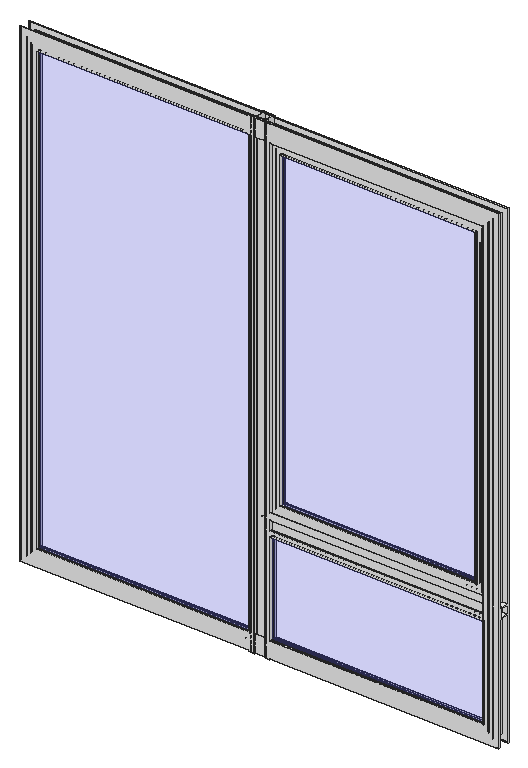
Revit family "WAL_A3-Thermosash-Window-1200X1200-PS1212L", category Windows, host Wall, Revit 2016
Family settings
  Host = Wall
  Always vertical = Yes
  Cut with Voids When Loaded = No
  Shared = No
  Room Calculation Point = No
Parameters (values of type "1200 x 1200 PS1212L Thermosas")
  URL = "www.agi.co.za"
  Trim Material = Metal - Aluminium
  Model = "Top Hung"
  Manufacturer Code = "PS1212L"
  Manufacturer = "AGI Aluminium"
  Height = 1200 mm
  Glass Material = Glass
  Frame Material = Metal - Aluminium
  Description = "Thermosash Window"
  Default Sill Height = 800 mm
  Wall Closure = By host
  Width = 1200 mm
  Assembly Code = "B2020110"
Reference planes
  plane 1 "Center": y = 0
  plane 2 "Center (Left/Right)": x = 0
  plane 3 "Left": x = -600
  plane 4 "Right": x = 600
  plane 5 "Sill": z = 800
  plane 6 "Head": z = 2000
  plane 7 "Exterior": y = 75
  plane 8 "Interior": y = -75
  plane 9: z = 2002
  plane 10: x = 602
  plane 11: x = -602
  plane 12: z = 798
  plane 13: z = 1964
  plane 14: z = 813.9
  plane 15: x = 564
  plane 16: x = -586.1
  plane 17: z = 1100
  plane 18: z = 1122
  plane 19: z = 1084
  plane 20: x = 22
  plane 21: x = -16
  plane 22: z = 1986.1
  plane 23: x = 586.1
Forms (mm)
  Sweep 1, solid, material "Metal - Aluminium", detail levels medium+fine
    path origin (0, 0, 0) x (1, 0, 0) y (0, 0, 1)
      loop
        line (600, 2000) -> (-600, 2000) -> (-600, 800) -> (600, 800) -> (600, 2000)
    profile "Frame : Frame" origin (0, 0, 2000) x (0, 0, -1) y (0, -1, 0)
      loop
        line (0, -30) -> (28, -30) -> (28, -29) -> (26, -29) -> (26, -1) -> (28, -1) -> (28, -7) -> (29, -7) -> (29, -1) -> (37, -1) -> (37, -3.645) -> (38, -3.645) -> (38, -1) -> (40, -1) -> (40, -3.645) -> (41, -3.645) -> (41, 0) -> (0, 0) -> (0, -2) -> (1, -2) -> (1, -1) -> (15.005, -1) -> (15.005, -4) -> (16.005, -4) -> (16.005, -1) -> (25, -1) -> (25, -29) -> (16.005, -29) -> (16.005, -26) -> (15.005, -26) -> (15.005, -29) -> (1, -29) -> (1, -28) -> (0, -28) -> (0, -30)
  Sweep 2, solid, material "Metal - Aluminium", detail levels medium+fine
    path origin (0, 0, 0) x (1, 0, 0) y (0, 0, 1)
      loop
        line (0, 2002) -> (0, 798)
    profile "30 x 50 Center Divide : 30 x 50 Center Divide" origin (0, 0, 1400) x (1, 0, 0) y (0, -1, 0)
      loop
        line (-11, -5) -> (-11, -29) -> (11, -29) -> (11, -5) -> (-11, -5)
      loop
        line (-27.011, 0) -> (-27.011, -3.245) -> (-26.011, -3.245) -> (-26.011, -1) -> (-24.011, -1) -> (-24.011, -3.245) -> (-23.011, -3.245) -> (-23.011, -1) -> (-15.011, -1) -> (-15.011, -6.6) -> (-14.011, -6.6) -> (-14.011, -1) -> (-13.142, -1) -> (-12, -5.263) -> (-12, -29) -> (-14, -29) -> (-14, -30) -> (14, -30) -> (14, -29) -> (12, -29) -> (12, -5.263) -> (13.142, -1) -> (14, -1) -> (14, -7) -> (15, -7) -> (15, -1) -> (23, -1) -> (23, -3.645) -> (24, -3.645) -> (24, -1) -> (26, -1) -> (26, -3.645) -> (27, -3.645) -> (27, 0) -> (12.375, 0) -> (11.303, -4) -> (-11.303, -4) -> (-12.375, 0) -> (-27.011, 0)
  Sweep 3, solid, material "Metal - Aluminium", detail levels medium+fine
    path origin (0, 0, 0) x (1, 0, 0) y (0, 0, 1)
      loop
        line (600, 1100) -> (0, 1100)
    profile "30 x 50 Center Divide : 30 x 50 Center Divide" origin (300, 0, 1100) x (0, 0, -1) y (0, -1, 0)
      loop
        line (-11, -5) -> (-11, -29) -> (11, -29) -> (11, -5) -> (-11, -5)
      loop
        line (-27.011, 0) -> (-27.011, -3.245) -> (-26.011, -3.245) -> (-26.011, -1) -> (-24.011, -1) -> (-24.011, -3.245) -> (-23.011, -3.245) -> (-23.011, -1) -> (-15.011, -1) -> (-15.011, -6.6) -> (-14.011, -6.6) -> (-14.011, -1) -> (-13.142, -1) -> (-12, -5.263) -> (-12, -29) -> (-14, -29) -> (-14, -30) -> (14, -30) -> (14, -29) -> (12, -29) -> (12, -5.263) -> (13.142, -1) -> (14, -1) -> (14, -7) -> (15, -7) -> (15, -1) -> (23, -1) -> (23, -3.645) -> (24, -3.645) -> (24, -1) -> (26, -1) -> (26, -3.645) -> (27, -3.645) -> (27, 0) -> (12.375, 0) -> (11.303, -4) -> (-11.303, -4) -> (-12.375, 0) -> (-27.011, 0)
  Sweep 4, solid, material "Metal - Aluminium", detail levels medium+fine
    path origin (0, 0, 0) x (1, 0, 0) y (0, 0, 1)
      loop
        line (602, 2002) -> (-16, 2002) -> (-16, 1084) -> (602, 1084) -> (602, 2002)
    profile "Casement : Casement" origin (293, 0, 2002) x (0, 0, -1) y (0, -1, 0)
      loop
        line (40, -4.645) -> (40, -32.645) -> (49, -32.645) -> (49, -4.645) -> (40, -4.645)
      loop
        line (65, -3.645) -> (37, -3.645) -> (37, -4.645) -> (39, -4.645) -> (39, -32.645) -> (37, -32.645) -> (37, -26.645) -> (36, -26.645) -> (36, -32.645) -> (28, -32.645) -> (28, -30) -> (27, -30) -> (27, -32.645) -> (25, -32.645) -> (25, -30) -> (24, -30) -> (24, -33.645) -> (50, -33.645) -> (50, -4.645) -> (52, -4.645) -> (52, -10.645) -> (53, -10.645) -> (53, -4.645) -> (61, -4.645) -> (61, -7.289) -> (62, -7.289) -> (62, -4.645) -> (64, -4.645) -> (64, -7.289) -> (65, -7.289) -> (65, -3.645)
  Extrusion 5, void
    sketch origin (0, 0, 0) x (1, 0, 0) y (0, 1, 0)
      loop
        line (-11.303, 4) -> (-12.375, 0) -> (12.375, 0) -> (11.303, 4) -> (-11.303, 4)
    from 841 to 1959
  Sweep 6, solid, material "Metal - Aluminium" <- "Trim Material", detail levels medium+fine
    path origin (0, 0, 0) x (1, 0, 0) y (0, 0, 1)
      loop
        line (0, 1986.1) -> (-586.1, 1986.1) -> (-586.1, 813.9) -> (0, 813.9) -> (0, 1986.1)
    profile "Trim : Trim" origin (-293.05, 0, 1986.1) x (0, 0, -1) y (0, -1, 0)
      loop
        line (24.555, -1.643) -> (24.555, -4.05)
        arc (24.555, -4.05) -> (23.436, -4.753) -> (23, -6) r 2
        line (23, -6) -> (27, -6)
        arc (27, -6) -> (26.552, -4.739) -> (25.41, -4.042) r 2
        line (25.41, -4.042) -> (25.41, -1.643) -> (24.555, -1.643)
      loop
        line (14, -29) -> (29, -14) -> (29, -12.474) -> (26.323, -12.474)
        arc (26.323, -12.474) -> (26.823, -11.797) -> (27, -10.974) r 2
        line (27, -10.974) -> (23, -10.974)
        arc (23, -10.974) -> (23.177, -11.797) -> (23.677, -12.474) r 2
        line (23.677, -12.474) -> (13.467, -12.474) -> (13.467, -4) -> (12.5, -4) -> (12.5, -13.474) -> (20.535, -13.474) -> (24.323, -17.263) -> (12.586, -29) -> (14, -29)
  Sweep 7, solid, material "Metal - Aluminium", detail levels medium+fine
    path origin (0, 0, 0) x (1, 0, 0) y (0, 0, 1)
      loop
        line (586.1, 1100) -> (0, 1100) -> (0, 813.9) -> (586.1, 813.9) -> (586.1, 1100)
    profile "Trim : Trim" origin (293.05, 0, 1100) x (0, 0, -1) y (0, -1, 0)
      loop
        line (24.555, -1.643) -> (24.555, -4.05)
        arc (24.555, -4.05) -> (23.436, -4.753) -> (23, -6) r 2
        line (23, -6) -> (27, -6)
        arc (27, -6) -> (26.552, -4.739) -> (25.41, -4.042) r 2
        line (25.41, -4.042) -> (25.41, -1.643) -> (24.555, -1.643)
      loop
        line (14, -29) -> (29, -14) -> (29, -12.474) -> (26.323, -12.474)
        arc (26.323, -12.474) -> (26.823, -11.797) -> (27, -10.974) r 2
        line (27, -10.974) -> (23, -10.974)
        arc (23, -10.974) -> (23.177, -11.797) -> (23.677, -12.474) r 2
        line (23.677, -12.474) -> (13.467, -12.474) -> (13.467, -4) -> (12.5, -4) -> (12.5, -13.474) -> (20.535, -13.474) -> (24.323, -17.263) -> (12.586, -29) -> (14, -29)
  Sweep 8, solid, material "Metal - Aluminium", detail levels medium+fine
    path origin (0, 0, 0) x (1, 0, 0) y (0, 0, 1)
      loop
        line (564, 1964) -> (22, 1964) -> (22, 1122) -> (564, 1122) -> (564, 1964)
    profile "Trim : Trim" origin (293, 0, 1964) x (0, 0, -1) y (0, -1, 0)
      loop
        line (24.555, -4.643) -> (24.555, -7.05)
        arc (24.555, -7.05) -> (23.436, -7.753) -> (23, -9) r 2
        line (23, -9) -> (27, -9)
        arc (27, -9) -> (26.552, -7.739) -> (25.41, -7.042) r 2
        line (25.41, -7.042) -> (25.41, -4.643) -> (24.555, -4.643)
      loop
        line (14, -32) -> (29, -17) -> (29, -15.474) -> (26.323, -15.474)
        arc (26.323, -15.474) -> (26.823, -14.797) -> (27, -13.974) r 2
        line (27, -13.974) -> (23, -13.974)
        arc (23, -13.974) -> (23.177, -14.797) -> (23.677, -15.474) r 2
        line (23.677, -15.474) -> (13.467, -15.474) -> (13.467, -7) -> (12.5, -7) -> (12.5, -16.474) -> (20.535, -16.474) -> (24.323, -20.263) -> (12.586, -32) -> (14, -32)
  Extrusion 9, solid, material "Glass", detail levels medium+fine
    sketch origin (0, 0, 0) x (1, 0, 0) y (0, 1, 0)
      loop
        line (22.982, 10.974) -> (22.982, 6) -> (563.1, 6) -> (563.1, 10.974) -> (22.982, 10.974)
    from 836.9 to 1077
  Extrusion 10, solid, material "Glass", detail levels medium+fine
    sketch origin (0, 0, 0) x (1, 0, 0) y (0, 1, 0)
      loop
        line (-563.118, 10.974) -> (-563.118, 6) -> (-22.982, 6) -> (-22.982, 10.974) -> (-563.118, 10.974)
    from 836.9 to 1963.1
  Extrusion 11, solid, material "Glass", detail levels medium+fine
    sketch origin (0, 0, 0) x (1, 0, 0) y (0, 1, 0)
      loop
        line (44.982, 13.974) -> (44.982, 9) -> (541, 9) -> (541, 13.974) -> (44.982, 13.974)
    from 1145 to 1941
Cuts and joins
  Extrusion 5 cuts Sweep 3
  joined: Sweep 1, Sweep 2, Sweep 3
Lines and regions (mm)
  Opening 1
    outline origin (3500, -75, 0) x (1, 0, 0) y (0, 0, 1)
      loop
        line (-2900, 800) -> (-2900, 2000) -> (-4100, 2000) -> (-4100, 800) -> (-2900, 800)
  symbolic lines, style "Elevation Swing"
    curve 1: line (578, 0, 1978) -> (8, 0, 1543)
    curve 2: line (8, 0, 1543) -> (577, 0, 1109)
Text (mm)
  text "EXTERIOR" at (-1963.203, 1332.353, 0), in view "Ref. Level"
  text "INTERIOR" at (-1981.466, -818.386, 0), in view "Ref. Level"
  text "Exterior" at (0, 923.751, 2943.296), in view "Right"
  text "Exterior" at (0, 1040.484, 2685.409), in view "Left"
Dimensions and locks
  equal spacing: plane 3 "Left", plane 2 "Center (Left/Right)", plane 4 "Right"
  "Width": plane 3 "Left" to plane 4 "Right"
  "Height": plane 5 "Sill" to plane 6 "Head"
  "Default Sill Height": plane 5 "Sill" to level
  locked: plane 7 "Exterior" to host wall at 0
  locked: plane 8 "Interior" to host wall
  locked: plane 12 to plane 5 "Sill" at 2
  locked: plane 6 "Head" to plane 9 at 2
  locked: plane 4 "Right" to plane 10 at 2
  locked: plane 11 to plane 3 "Left" at 2
  locked: plane 15 to plane 4 "Right" at 36
  plane 3 "Left" to plane 16 = 13.9 mm
  locked: plane 5 "Sill" to plane 14 at 13.9
  locked: plane 13 to plane 6 "Head" at 36
  locked: plane 5 "Sill" to plane 17 at 300
  locked: plane 19 to plane 17 at 16
  locked: plane 17 to plane 18 at 22
  locked: plane 2 "Center (Left/Right)" to plane 21 at 16
  locked: plane 2 "Center (Left/Right)" to plane 20 at 22
  locked: plane 22 to plane 6 "Head" at 13.9
  locked: plane 4 "Right" to plane 23 at 13.9
  aligned and locked: host wall to Sweep 1 sketch curve
  aligned and locked: Sweep 1 sketch curve to host wall  (x3)
  aligned and locked: plane 12 to Sweep 2 sketch curve
  aligned and locked: plane 9 to Sweep 2 sketch curve
  aligned and locked: plane 2 "Center (Left/Right)" to Sweep 2 sketch curve
  aligned and locked: Sweep 3 sketch curve to plane 17
  aligned and locked: plane 4 "Right" to Sweep 3 sketch curve
  aligned and locked: plane 2 "Center (Left/Right)" to Sweep 3 sketch curve
  aligned and locked: plane 19 to Sweep 4 sketch curve
  aligned and locked: plane 10 to Sweep 4 sketch curve
  aligned and locked: plane 21 to Sweep 4 sketch curve
  aligned and locked: Sweep 4 sketch curve to plane 9
  aligned and locked: Extrusion 5 sketch curve to cut or joined group of Sweep 1, Sweep 2, Sweep 3, Extrusion 5  (x3)
  aligned and locked: host wall to Extrusion 5 sketch curve
  aligned and locked: Extrusion 5 to cut or joined group of Sweep 1, Sweep 2, Sweep 3, Extrusion 5  (x2)
  aligned and locked: plane 14 to Sweep 6 sketch curve
  aligned and locked: Sweep 6 sketch curve to plane 2 "Center (Left/Right)"
  aligned and locked: Sweep 6 sketch curve to plane 22
  aligned and locked: Sweep 6 sketch curve to plane 16
  aligned and locked: plane 14 to Sweep 7 sketch curve
  aligned and locked: plane 2 "Center (Left/Right)" to Sweep 7 sketch curve
  aligned and locked: Sweep 7 sketch curve to plane 23
  aligned and locked: Sweep 7 sketch curve to plane 17
  aligned and locked: plane 18 to Sweep 8 sketch curve
  aligned and locked: Sweep 8 sketch curve to plane 20
  aligned and locked: plane 15 to Sweep 8 sketch curve
  aligned and locked: Sweep 8 sketch curve to plane 13
  aligned and locked: Sweep 7 to Extrusion 9 sketch curve  (x2)
  aligned and locked: Extrusion 9 sketch curve to Sweep 7  (x2)
  aligned and locked: Extrusion 9 to Sweep 7  (x2)
  aligned and locked: Extrusion 10 sketch curve to Sweep 6  (x3)
  aligned and locked: Sweep 6 to Extrusion 10 sketch curve
  aligned and locked: Extrusion 10 to Extrusion 9
  aligned and locked: Extrusion 10 to Sweep 6
  aligned and locked: Sweep 8 to Extrusion 11 sketch curve  (x2)
  aligned and locked: Extrusion 11 sketch curve to Sweep 8  (x2)
  aligned and locked: Extrusion 11 to Sweep 8  (x2)
Automatic sketch dimensions
  Opening 1 sketch curve to plane 3 "Left" = 0 mm
  Opening 1 sketch curve to plane 4 "Right" = 0 mm
  Opening 1 sketch curve to plane 5 "Sill" = 0 mm
  Opening 1 sketch curve to plane 6 "Head" = 0 mm
  plane 2 "Center (Left/Right)" to curve 1 = 8 mm
  curve 2 to plane 23 = 9.1 mm
  curve 1 to plane 23 = 8.1 mm
  plane 17 to curve 2 = 9 mm
  curve 2 to plane 13 = 421 mm
  curve 1 to plane 22 = 8.1 mm
